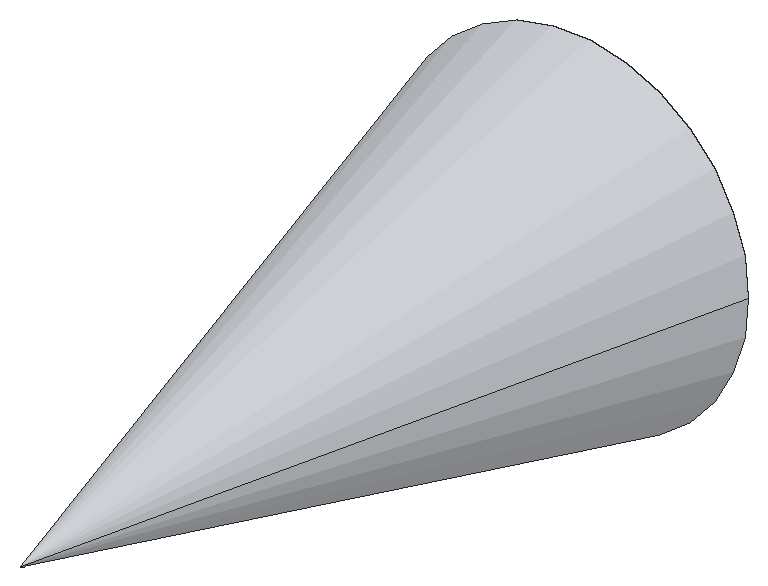
Revit family "Genelec_4410", category Generic Models, Revit 2025
Family settings
  Can host rebar = No
  Round Connector Dimension = Use Diameter
  Part Type = Normal
  Work Plane-Based = No
  Always vertical = No
  Cut with Voids When Loaded = No
  Maintain Annotation Orientation = No
  Shared = No
  Room Calculation Point = Yes
Parameters (values of type "4410 Horizontal")
  Width = 121 mm
  Weight = 1.5
  Vertical Visibility = no
  Uniclass 2.0 Description = "Sound Amplifiers"
  URL = "https://www.genelec.com/4410a"
  Type Image = <None>
  Type IFC Predefined Type = "SPEAKER"
  Type Comments = ""
  Tag = ""
  Product Group = "4000 Series Installation Speakers"
  Product Family = "Installation Speaker"
  Price List Description = "Compact aluminium cabinet with tightly controlled directivity and minimum diffraction for excellent clarity and intelligibility. Both drivers have metal protection grilles, with 76 mm (3 in) LF and 19 mm (3/4 in) HF transducers. Integrated crossover and class D amplifiers. Max. SPL 96 dB, frequency response 67 Hz – 40 kHz (-6 dB). Control by Smart IP Manager software, including device discovery, room equalisation, system organization and status monitoring. On-Off switch on the rear panel. Dimensions: H 181 mm x W 121 mm x D 115 mm, weight 1.5 kg."
  Power consumption Standby = "≤3 W (ISS Active)"
  Power consumption Idle = "≤4 W"
  Model Image = "https://images.ctfassets.net/4zjnzn055a4v/6gBYeejec05tqEdPfUC3UU/9d3e15d9e7a7fc919c47a85e0c081323/PD4010AW03.jpg?fm=jpg&q=85&w=2000"
  Maximum long term RMS acoustic output in same conditions with IEC weighted noise (limited by driver unit protection circuit) = "≥ 91 dB SPL"
  Max. short term sine wave acoustic output  on axis in half space, averaged from 100Hz to 3 kHz = "≥ 96 dB SPL"
  Manufacturer Country = "Finland"
  Line Drawing = "https://assets.ctfassets.net/4zjnzn055a4v/3zxWR7fgwCVTysfUx355Eh/16a7afd271c5884f12041293892187c3/4410Aviews.pdf"
  IFC Classification = "Electric Appliance"
  Default Elevation = 1200 mm
  Self-generated Noise = "≤5 dB"
  Power Consumption = 30 W
  Mounting Type = "Includes mount: 8010-410B/W"
  Model Name = "4410A"
  Model Description = "Smart IP Installation Speaker"
  Model = "4410"
  Manufacturer = "GENELEC"
  Mains Voltage = "PoE+/PoE"
  IFC Name = "4410A"
  Horizontal Visibility = yes
  Height = 181 mm
  Frequency Response = "67 Hz - 40 kHz (-6 dB)"
  Finish Type = "Die cast aluminium"
  Family Version = ""
  Export Type to IFC As = "IfcAudioVisualApplianceType"
  Driver Dimensions = "⌀ 76 mm Woofer+ ⌀ 19 mm Tweeter"
  Dispersion Angle = "H 130° V 110°"
  Direction Arrow [instance] = yes
  Description = "The most compact in the Smart IP family, the 4410A Active PoE-Powered Installation Loudspeaker produces uncompromised SPL and acoustic performance."
  Depth = 115 mm
  Connections = "1 x RJ45 for PoE power, management and audio in AES67 / Dante format"
  Color = RAL_9018_Papyrus White
  BIMobject category = "Audio Electronics"
  Acoustic Axis = "107"
  Accuracy of Frequency Response = "± 2.5 dB (74 Hz - 20 kHz)"
Types (2, lengths in mm): name | Vertical Visibility | Horizontal Visibility
  4410 Vertical | yes | no
  4410 Horizontal | no | yes
Reference planes
  plane 1 "Mitte (Vorne/hinten)": y = 0
  plane 2: z = 0
  plane 3 "Mitte (Links/rechts)": x = 0
Forms (mm)
  Extrusion 1, solid, material "RAL_9018_Papyrus White" <- "Color", visible <- "Vertical Visibility", detail levels coarse
    sketch origin (0, 0, 0) x (1, 0, 0) y (0, 0, 1)
      loop
        line (-61.041, 73) -> (-61.041, -107.5) -> (60, -107.5) -> (60, 73) -> (-61.041, 73)
    from 0 to 114.918
  Extrusion 2, solid, material "RAL_9018_Papyrus White" <- "Color", visible <- "Horizontal Visibility", detail levels coarse
    sketch origin (0, 0, 0) x (1, 0, 0) y (0, 0, 1)
      loop
        line (73.084, -60.251) -> (73.084, 59.749) -> (-106.916, 59.749) -> (-106.916, -60.251) -> (73.084, -60.251)
    from 0 to 114.918
  Extrusion 3, solid, material "RAL_9018_Papyrus White" <- "Color", visible <- "Horizontal Visibility", detail levels medium
    sketch origin (0, 0, 0) x (1, 0, 0) y (0, 0, 1)
      loop
        arc (58.024, 54.615) -> (-16.634, 60.483) -> (-91.289, 54.573) r 476.143
        arc (-91.289, 54.573) -> (-98.49, 51.417) -> (-102.104, 44.434) r 11.786
        arc (-102.104, 44.434) -> (-105.69, 22.975) -> (-106.979, 1.257) r 204.783
        arc (-106.979, 1.257) -> (-105.827, -21.725) -> (-102.104, -44.432) r 204.783
        arc (-102.104, -44.432) -> (-98.489, -51.417) -> (-91.286, -54.573) r 11.787
        arc (-91.286, -54.573) -> (-16.498, -60.483) -> (58.29, -54.573) r 476.143
        arc (58.29, -54.573) -> (65.491, -51.417) -> (69.105, -44.434) r 11.786
        arc (69.105, -44.434) -> (73.983, -0.149) -> (69.169, 44.143) r 204.783
        spline (69.169, 44.143) -> (68.931, 45.507) -> (68.535, 46.834) -> (67.987, 48.105) -> (67.294, 49.304) -> (66.466, 50.414) -> (65.514, 51.42) -> (64.452, 52.307) -> (63.292, 53.065) -> (62.053, 53.682) -> (60.749, 54.149) -> (59.401, 54.462) -> (58.024, 54.615)
    from 0 to 114.918
  Extrusion 4, solid, material "RAL_9018_Papyrus White" <- "Color", visible <- "Vertical Visibility", detail levels medium
    sketch origin (0, 0, 0) x (1, 0, 0) y (0, 0, 1)
      loop
        arc (44.164, 68.604) -> (-0.27, 73.483) -> (-44.703, 68.604) r 204.783
        arc (-44.703, 68.604) -> (-51.686, 64.99) -> (-54.842, 57.789) r 11.786
        arc (-54.842, 57.789) -> (-60.752, -17) -> (-54.842, -91.789) r 476.143
        arc (-54.842, -91.789) -> (-51.686, -98.991) -> (-44.703, -102.604) r 11.786
        arc (-44.703, -102.604) -> (-23.244, -106.19) -> (-1.526, -107.479) r 204.783
        arc (-1.526, -107.479) -> (21.456, -106.327) -> (44.163, -102.605) r 204.783
        arc (44.163, -102.605) -> (51.148, -98.99) -> (54.304, -91.786) r 11.787
        arc (54.304, -91.786) -> (60.214, -16.998) -> (54.303, 57.789) r 476.143
        arc (54.303, 57.789) -> (51.147, 64.991) -> (44.164, 68.604) r 11.786
    from 0 to 114.918
  Revolve 5, solid, visible <- "Direction Arrow"
    sketch origin (0.006, 63.079, 0.031) x (1, 0, 0) y (0, 1, 0)
      loop
        line (0, -224.533) -> (3.027, -212.76) -> (0, -212.76) -> (0, -224.533)
      axis (0, -212.76) -> (0, -224.533)
    angle from 0 to 360
Lines and regions (mm)
  model lines, visible <- "Direction Arrow"
    curve 1: line (0.006, -114.921, 0.031) -> (0.006, -161.454, 0.031)
Text (mm)
  text "Hinweis:\n\nÄndern Sie die Familienkategorie, um die passende Kategorie festzulegen.\nLöschen Sie diesen Hinweis und das Bild, bevor die Familie in das Projekt geladen wird!" at (357.802, 307.247, 0), in view "Referenzebene"
Dimensions and locks
  aligned and locked: level to plane 2
  aligned and locked: Extrusion 1 to free form element
  aligned and locked: Extrusion 1 to plane 1 "Mitte (Vorne/hinten)"
  aligned and locked: Extrusion 2 to plane 1 "Mitte (Vorne/hinten)"
  aligned and locked: Extrusion 2 to free form element
  aligned and locked: Extrusion 3 to plane 1 "Mitte (Vorne/hinten)"
  aligned and locked: Extrusion 3 to free form element
  aligned and locked: Extrusion 4 to plane 1 "Mitte (Vorne/hinten)"
  aligned and locked: Extrusion 4 to free form element
  aligned and locked: Revolve 5 sketch curve to curve 1
Nested families
  nested 1: "4410_Shells" at (-0.269, -58.138, -17) x (1, 0, 0) z (0, -1, 0), visible <- "Vertical Visibility", type "4410_Shells", detail levels fine
  nested 2: "4410_Shells" at (-16.5, -58.138, 0) x (0, 0, -1) z (0, -1, 0), visible <- "Horizontal Visibility", type "4410_Shells", detail levels fine
Definition of nested family "4410_Shells"
  Parameters (values of type "4410_Shells")
    Shell Material = none
    Default Elevation = 0 mm
  Reference planes
    plane 1 "Center (Front/Back)": y = 0
    plane 2: z = 0
    plane 3 "Center (Left/Right)": x = 0
  Dimensions and locks
    aligned and locked: level to plane 2
